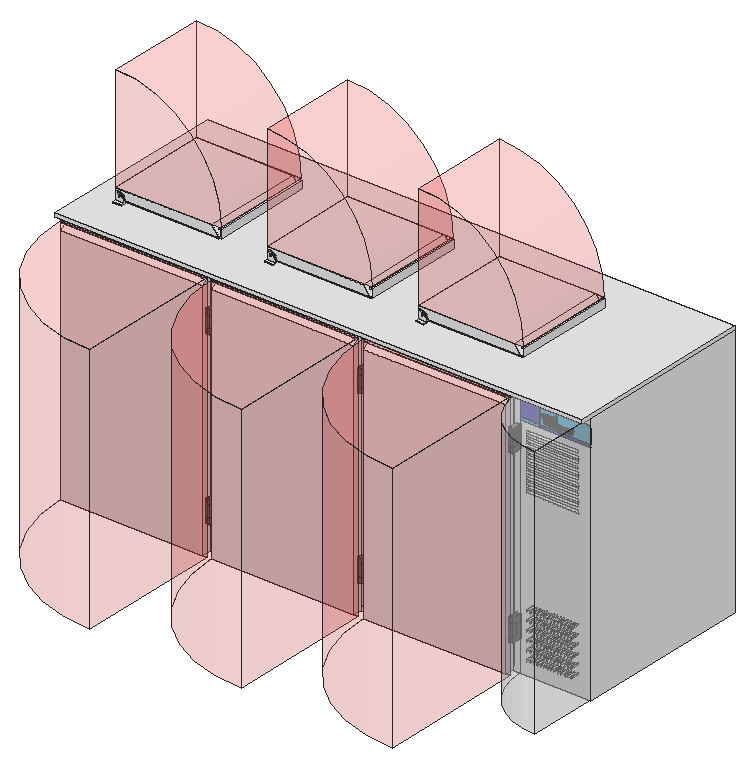
Revit family "QF_Cool-Compact_Abfallkuehler_3x240L_EK", category Sonderausstattung, Revit 2020 (continued)
Automatic sketch dimensions
  Extrusion 2 sketch curve to Extrusion 2 sketch curve = 4.599 mm
  Extrusion 2 sketch curve to Extrusion 2 sketch curve = 4.4 mm  (x2)
  Extrusion 2 sketch curve to Extrusion 2 sketch curve = 7.484 mm
  Extrusion 2 sketch curve to Extrusion 2 sketch curve = 4.102 mm
  Extrusion 2 sketch curve to Extrusion 2 sketch curve = 9.001 mm
  Extrusion 2 sketch curve to Extrusion 2 sketch curve = 0.138 mm
  Extrusion 2 sketch curve to Extrusion 2 sketch curve = 2.081 mm
  Extrusion 2 sketch curve to Extrusion 2 sketch curve = 4.704 mm
  Extrusion 2 sketch curve to Extrusion 2 sketch curve = 4.26 mm
  Extrusion 2 sketch curve to Extrusion 2 sketch curve = 3.485 mm
  Extrusion 2 sketch curve to Extrusion 2 sketch curve = 3.489 mm
  Extrusion 2 sketch curve to Extrusion 2 sketch curve = 0.129 mm  (x3)
  Extrusion 2 sketch curve to Extrusion 2 sketch curve = 1.309 mm
  Extrusion 2 sketch curve to Extrusion 2 sketch curve = 0.953 mm
  Extrusion 2 sketch curve to Extrusion 2 sketch curve = 0.003 mm
  Extrusion 2 sketch curve to Extrusion 2 sketch curve = 1.087 mm
  Extrusion 2 sketch curve to Extrusion 2 sketch curve = 1.094 mm  (x2)
  Extrusion 2 sketch curve to Extrusion 2 sketch curve = 0.771 mm
  Extrusion 2 sketch curve to Extrusion 2 sketch curve = 2.594 mm  (x3)
  Extrusion 2 sketch curve to Extrusion 2 sketch curve = 2.598 mm
  Extrusion 2 sketch curve to Extrusion 2 sketch curve = 2.503 mm
  Extrusion 2 sketch curve to Extrusion 2 sketch curve = 2.501 mm
  Extrusion 2 sketch curve to Extrusion 2 sketch curve = 0.981 mm  (x6)
  Extrusion 2 sketch curve to Extrusion 2 sketch curve = 2.245 mm
  Extrusion 2 sketch curve to Extrusion 2 sketch curve = 1.741 mm  (x4)
  Extrusion 2 sketch curve to Extrusion 2 sketch curve = 0.494 mm
  Extrusion 2 sketch curve to Extrusion 2 sketch curve = 2.738 mm
  Extrusion 2 sketch curve to Extrusion 2 sketch curve = 1.555 mm  (x2)
  Extrusion 2 sketch curve to Extrusion 2 sketch curve = 0.954 mm  (x7)
  Extrusion 2 sketch curve to Extrusion 2 sketch curve = 0.531 mm  (x3)
  Extrusion 2 sketch curve to Extrusion 2 sketch curve = 0.532 mm
  Extrusion 2 sketch curve to Extrusion 2 sketch curve = 0.654 mm  (x3)
  Extrusion 2 sketch curve to Extrusion 2 sketch curve = 0.656 mm
  Extrusion 2 sketch curve to Extrusion 2 sketch curve = 3.614 mm
  Extrusion 2 sketch curve to Extrusion 2 sketch curve = 2.441 mm  (x3)
  Extrusion 2 sketch curve to Extrusion 2 sketch curve = 2.496 mm  (x4)
  Extrusion 2 sketch curve to Extrusion 2 sketch curve = 0.01 mm  (x2)
  Extrusion 2 sketch curve to Extrusion 2 sketch curve = 1.675 mm  (x2)
  Extrusion 2 sketch curve to Extrusion 2 sketch curve = 1.695 mm  (x2)
  Extrusion 2 sketch curve to Extrusion 2 sketch curve = 1.805 mm  (x4)
  Extrusion 2 sketch curve to Extrusion 2 sketch curve = 0.76 mm  (x3)
  Extrusion 2 sketch curve to Extrusion 2 sketch curve = 2.748 mm
  Extrusion 2 sketch curve to Extrusion 2 sketch curve = 2.75 mm
  Extrusion 2 sketch curve to Extrusion 2 sketch curve = 0.128 mm
  Extrusion 2 sketch curve to Extrusion 2 sketch curve = 0.95 mm
  Extrusion 2 sketch curve to Extrusion 2 sketch curve = 0 mm  (x17)
  Extrusion 2 sketch curve to Extrusion 2 sketch curve = 1.086 mm
  Extrusion 2 sketch curve to Extrusion 2 sketch curve = 1.092 mm
  Extrusion 2 sketch curve to Extrusion 2 sketch curve = 2.442 mm  (x9)
  Extrusion 2 sketch curve to Extrusion 2 sketch curve = 0.653 mm  (x4)
  Extrusion 2 sketch curve to Extrusion 2 sketch curve = 3.391 mm  (x2)
  Extrusion 2 sketch curve to Extrusion 2 sketch curve = 0.534 mm  (x2)
  Extrusion 2 sketch curve to Extrusion 2 sketch curve = 2.597 mm  (x2)
  Extrusion 2 sketch curve to Extrusion 2 sketch curve = 0.982 mm  (x4)
  Extrusion 2 sketch curve to Extrusion 2 sketch curve = 0.984 mm  (x2)
  Extrusion 2 sketch curve to Extrusion 2 sketch curve = 2.5 mm  (x2)
  Extrusion 2 sketch curve to Extrusion 2 sketch curve = 2.504 mm  (x2)
  Extrusion 2 sketch curve to Extrusion 2 sketch curve = 1.553 mm  (x2)
  Extrusion 2 sketch curve to Extrusion 2 sketch curve = 1.74 mm  (x3)
  Extrusion 2 sketch curve to Extrusion 2 sketch curve = 0.955 mm  (x4)
  Extrusion 2 sketch curve to Extrusion 2 sketch curve = 0.956 mm  (x3)
  Extrusion 2 sketch curve to Extrusion 2 sketch curve = 1.556 mm  (x2)
  Extrusion 2 sketch curve to Extrusion 2 sketch curve = 2.506 mm  (x2)
  Extrusion 2 sketch curve to Extrusion 2 sketch curve = 2.51 mm
  Extrusion 2 sketch curve to Extrusion 2 sketch curve = 1.67 mm  (x3)
  Extrusion 2 sketch curve to Extrusion 2 sketch curve = 0.002 mm  (x4)
  Extrusion 2 sketch curve to Extrusion 2 sketch curve = 0.952 mm  (x4)
  Extrusion 2 sketch curve to Extrusion 2 sketch curve = 1.045 mm
  Extrusion 2 sketch curve to Extrusion 2 sketch curve = 1.05 mm
  Extrusion 2 sketch curve to Extrusion 2 sketch curve = 3.613 mm
  Extrusion 2 sketch curve to Extrusion 2 sketch curve = 2.495 mm  (x2)
  Extrusion 2 sketch curve to Extrusion 2 sketch curve = 0.012 mm  (x2)
  Extrusion 2 sketch curve to Extrusion 2 sketch curve = 0.762 mm
  Extrusion 2 sketch curve to Extrusion 2 sketch curve = 1.673 mm  (x2)
  Extrusion 2 sketch curve to Extrusion 2 sketch curve = 1.696 mm  (x4)
  Extrusion 2 sketch curve to Extrusion 2 sketch curve = 0.761 mm
  Extrusion 2 sketch curve to Extrusion 2 sketch curve = 4.013 mm
  Extrusion 2 sketch curve to Extrusion 2 sketch curve = 0.13 mm  (x2)
  Extrusion 2 sketch curve to Extrusion 2 sketch curve = 0.001 mm  (x7)
  Extrusion 2 sketch curve to Extrusion 2 sketch curve = 1.088 mm
  Extrusion 2 sketch curve to Extrusion 2 sketch curve = 0.652 mm  (x4)
  Extrusion 2 sketch curve to Extrusion 2 sketch curve = 3.392 mm  (x4)
  Extrusion 2 sketch curve to Extrusion 2 sketch curve = 0.535 mm  (x4)
  Extrusion 2 sketch curve to Extrusion 2 sketch curve = 1.742 mm  (x3)
  Extrusion 2 sketch curve to Extrusion 2 sketch curve = 1.552 mm  (x3)
  Extrusion 2 sketch curve to Extrusion 2 sketch curve = 1.739 mm  (x2)
  Extrusion 2 sketch curve to Extrusion 2 sketch curve = 1.554 mm  (x2)
  Extrusion 2 sketch curve to Extrusion 2 sketch curve = 0.533 mm  (x2)
  Extrusion 2 sketch curve to Extrusion 2 sketch curve = 2.511 mm
  Extrusion 2 sketch curve to Extrusion 2 sketch curve = 1.044 mm
  Extrusion 2 sketch curve to Extrusion 2 sketch curve = 1.052 mm  (x2)
  Extrusion 2 sketch curve to Extrusion 2 sketch curve = 3.616 mm
  Extrusion 2 sketch curve to Extrusion 2 sketch curve = 1.674 mm  (x2)
  Extrusion 2 sketch curve to Extrusion 2 sketch curve = 1.806 mm  (x2)
  Extrusion 2 sketch curve to Extrusion 2 sketch curve = 4.466 mm
  Extrusion 2 sketch curve to Extrusion 2 sketch curve = 3.522 mm
  Extrusion 2 sketch curve to Extrusion 2 sketch curve = 4.467 mm
  Extrusion 2 sketch curve to Extrusion 2 sketch curve = 4.663 mm
  Extrusion 2 sketch curve to Extrusion 2 sketch curve = 1.551 mm
  Extrusion 2 sketch curve to Extrusion 2 sketch curve = 5.4 mm
  Extrusion 2 sketch curve to Extrusion 2 sketch curve = 0.957 mm
  Extrusion 2 sketch curve to Extrusion 2 sketch curve = 5.581 mm
  Extrusion 2 sketch curve to Extrusion 2 sketch curve = 0.155 mm
  Extrusion 2 sketch curve to Extrusion 2 sketch curve = 2.505 mm
  Extrusion 2 sketch curve to Extrusion 2 sketch curve = 2.509 mm
  Extrusion 2 sketch curve to Extrusion 2 sketch curve = 1.047 mm
  Extrusion 2 sketch curve to Extrusion 2 sketch curve = 4.714 mm
  Extrusion 2 sketch curve to Extrusion 2 sketch curve = 3.501 mm
  Extrusion 2 sketch curve to Extrusion 2 sketch curve = 3.604 mm
  Extrusion 2 sketch curve to Extrusion 2 sketch curve = 4.543 mm
  Extrusion 2 sketch curve to Extrusion 2 sketch curve = 4.743 mm
  Extrusion 2 sketch curve to Extrusion 2 sketch curve = 5.404 mm
  Extrusion 2 sketch curve to Extrusion 2 sketch curve = 5.586 mm
  Extrusion 2 sketch curve to Extrusion 2 sketch curve = 0.115 mm
  Extrusion 2 sketch curve to Extrusion 2 sketch curve = 4.722 mm
  Extrusion 2 sketch curve to Extrusion 2 sketch curve = 4.46 mm
  Extrusion 2 sketch curve to Extrusion 2 sketch curve = 17.959 mm
  Extrusion 2 sketch curve to Extrusion 2 sketch curve = 19.29 mm
  Extrusion 2 sketch curve to Extrusion 2 sketch curve = 76.995 mm
  Extrusion 2 sketch curve to Extrusion 2 sketch curve = 18.577 mm
  Extrusion 2 sketch curve to Extrusion 2 sketch curve = 8.605 mm
  Extrusion 2 sketch curve to Extrusion 2 sketch curve = 10.353 mm
  Extrusion 2 sketch curve to Extrusion 2 sketch curve = 3.19 mm
  Extrusion 2 sketch curve to Extrusion 2 sketch curve = 0.465 mm  (x2)
  Extrusion 2 sketch curve to Extrusion 2 sketch curve = 1.091 mm
  Extrusion 2 sketch curve to Extrusion 2 sketch curve = 1.599 mm
  Extrusion 2 sketch curve to Extrusion 2 sketch curve = 1.328 mm
  Extrusion 2 sketch curve to Extrusion 2 sketch curve = 4.168 mm  (x4)
  Extrusion 2 sketch curve to Extrusion 2 sketch curve = 1.96 mm  (x2)
  Extrusion 2 sketch curve to Extrusion 2 sketch curve = 4.886 mm
  Extrusion 2 sketch curve to Extrusion 2 sketch curve = 4.908 mm
  Extrusion 2 sketch curve to Extrusion 2 sketch curve = 0.039 mm  (x4)
  Extrusion 2 sketch curve to Extrusion 2 sketch curve = 4.986 mm
  Extrusion 2 sketch curve to Extrusion 2 sketch curve = 8.765 mm
  Extrusion 2 sketch curve to Extrusion 2 sketch curve = 0.271 mm
  Extrusion 2 sketch curve to Extrusion 2 sketch curve = 0.195 mm
  Extrusion 2 sketch curve to Extrusion 2 sketch curve = 0.619 mm
  Extrusion 2 sketch curve to Extrusion 2 sketch curve = 3.359 mm
  Extrusion 2 sketch curve to Extrusion 2 sketch curve = 1.508 mm  (x5)
  Extrusion 2 sketch curve to Extrusion 2 sketch curve = 5.324 mm
  Extrusion 2 sketch curve to Extrusion 2 sketch curve = 0.969 mm
  Extrusion 2 sketch curve to Extrusion 2 sketch curve = 1.981 mm
  Extrusion 2 sketch curve to Extrusion 2 sketch curve = 2.369 mm  (x2)
  Extrusion 2 sketch curve to Extrusion 2 sketch curve = 4.947 mm
  Extrusion 2 sketch curve to Extrusion 2 sketch curve = 4.166 mm  (x4)
  Extrusion 2 sketch curve to Extrusion 2 sketch curve = 2.178 mm
  Extrusion 2 sketch curve to Extrusion 2 sketch curve = 2.909 mm
  Extrusion 2 sketch curve to Extrusion 2 sketch curve = 2.609 mm
  Extrusion 2 sketch curve to Extrusion 2 sketch curve = 1.541 mm
  Extrusion 2 sketch curve to Extrusion 2 sketch curve = 1.295 mm
  Extrusion 2 sketch curve to Extrusion 2 sketch curve = 4.205 mm
  Extrusion 2 sketch curve to Extrusion 2 sketch curve = 1.154 mm
  Extrusion 2 sketch curve to Extrusion 2 sketch curve = 3.362 mm
  Extrusion 2 sketch curve to Extrusion 2 sketch curve = 1.17 mm
  Extrusion 2 sketch curve to Extrusion 2 sketch curve = 4.167 mm
  Extrusion 2 sketch curve to Extrusion 2 sketch curve = 4.274 mm
  Extrusion 2 sketch curve to Extrusion 2 sketch curve = 5.812 mm
  Extrusion 2 sketch curve to Extrusion 2 sketch curve = 1.534 mm  (x3)
  Extrusion 2 sketch curve to Extrusion 2 sketch curve = 1.509 mm  (x2)
  Extrusion 2 sketch curve to Extrusion 2 sketch curve = 1.987 mm  (x3)
  Extrusion 2 sketch curve to Extrusion 2 sketch curve = 1.512 mm
  Extrusion 2 sketch curve to Extrusion 2 sketch curve = 12.852 mm
  plane 4 "Rechts" to Extrusion 3 sketch curve = 0 mm
  Extrusion 3 sketch curve to plane 4 "Rechts" = 925.287 mm
  Extrusion 3 sketch curve to Extrusion 3 sketch curve = 231.062 mm
  Extrusion 3 sketch curve to Extrusion 3 sketch curve = 0.996 mm
  Extrusion 4 sketch curve to Extrusion 2 = 0 mm  (x2)
  Extrusion 4 sketch curve to Extrusion 4 sketch curve = 87.942 mm
  plane 4 "Rechts" to Extrusion 5 sketch curve = 81.113 mm
  Extrusion 5 sketch curve to Extrusion 5 sketch curve = 2.867 mm  (x2)
  Extrusion 5 sketch curve to Extrusion 5 sketch curve = 4.399 mm  (x2)
  Extrusion 5 sketch curve to Extrusion 5 sketch curve = 1.665 mm
  Extrusion 5 sketch curve to Extrusion 5 sketch curve = 4.578 mm
  Extrusion 5 sketch curve to Extrusion 5 sketch curve = 3.02 mm
  Extrusion 5 sketch curve to Extrusion 5 sketch curve = 1.058 mm
  Extrusion 5 sketch curve to Extrusion 5 sketch curve = 4.077 mm
  Extrusion 5 sketch curve to Extrusion 5 sketch curve = 5.409 mm
  Extrusion 5 sketch curve to Extrusion 5 sketch curve = 5.594 mm
  Extrusion 5 sketch curve to Extrusion 5 sketch curve = 0.116 mm  (x3)
  Extrusion 5 sketch curve to Extrusion 5 sketch curve = 0.154 mm  (x2)
  Extrusion 5 sketch curve to Extrusion 5 sketch curve = 4.715 mm
  Extrusion 5 sketch curve to Extrusion 5 sketch curve = 4.477 mm  (x3)
  Extrusion 5 sketch curve to Extrusion 5 sketch curve = 2.31 mm
  Extrusion 5 sketch curve to Extrusion 5 sketch curve = 6.516 mm
  Extrusion 5 sketch curve to Extrusion 5 sketch curve = 4.398 mm  (x4)
  Extrusion 5 sketch curve to Extrusion 5 sketch curve = 4.366 mm
  Extrusion 5 sketch curve to Extrusion 5 sketch curve = 4.405 mm  (x2)
  Extrusion 5 sketch curve to Extrusion 5 sketch curve = 0.349 mm
  Extrusion 5 sketch curve to Extrusion 5 sketch curve = 0.388 mm
  Extrusion 5 sketch curve to Extrusion 5 sketch curve = 4.476 mm
  Extrusion 5 sketch curve to Extrusion 5 sketch curve = 2.307 mm
  Extrusion 5 sketch curve to Extrusion 5 sketch curve = 4.017 mm  (x2)
  Extrusion 5 sketch curve to Extrusion 5 sketch curve = 4.056 mm
  Extrusion 5 sketch curve to Extrusion 5 sketch curve = 0.348 mm
  Extrusion 5 sketch curve to Extrusion 5 sketch curve = 0.426 mm  (x2)
  Extrusion 5 sketch curve to Extrusion 5 sketch curve = 4.792 mm
  Extrusion 5 sketch curve to Extrusion 5 sketch curve = 4.753 mm
  Extrusion 5 sketch curve to Extrusion 5 sketch curve = 4.599 mm
  Extrusion 5 sketch curve to Extrusion 5 sketch curve = 4.4 mm  (x2)
  Extrusion 5 sketch curve to Extrusion 5 sketch curve = 7.484 mm
  Extrusion 5 sketch curve to Extrusion 5 sketch curve = 4.102 mm
  Extrusion 5 sketch curve to Extrusion 5 sketch curve = 9.001 mm
  Extrusion 5 sketch curve to Extrusion 5 sketch curve = 0.138 mm
  Extrusion 5 sketch curve to Extrusion 5 sketch curve = 2.081 mm
  Extrusion 5 sketch curve to Extrusion 5 sketch curve = 4.704 mm
  Extrusion 5 sketch curve to Extrusion 5 sketch curve = 4.26 mm
  Extrusion 5 sketch curve to Extrusion 5 sketch curve = 3.485 mm
  Extrusion 5 sketch curve to Extrusion 5 sketch curve = 3.489 mm
  Extrusion 5 sketch curve to Extrusion 5 sketch curve = 0.129 mm  (x3)
  Extrusion 5 sketch curve to Extrusion 5 sketch curve = 1.309 mm
  Extrusion 5 sketch curve to Extrusion 5 sketch curve = 0.953 mm  (x2)
  Extrusion 5 sketch curve to Extrusion 5 sketch curve = 0.003 mm
  Extrusion 5 sketch curve to Extrusion 5 sketch curve = 1.087 mm
  Extrusion 5 sketch curve to Extrusion 5 sketch curve = 1.094 mm  (x2)
  Extrusion 5 sketch curve to Extrusion 5 sketch curve = 0.771 mm
  Extrusion 5 sketch curve to Extrusion 5 sketch curve = 2.598 mm
  Extrusion 5 sketch curve to Extrusion 5 sketch curve = 2.594 mm  (x3)
  Extrusion 5 sketch curve to Extrusion 5 sketch curve = 2.503 mm
  Extrusion 5 sketch curve to Extrusion 5 sketch curve = 2.501 mm
  Extrusion 5 sketch curve to Extrusion 5 sketch curve = 0.981 mm  (x6)
  Extrusion 5 sketch curve to Extrusion 5 sketch curve = 2.245 mm
  Extrusion 5 sketch curve to Extrusion 5 sketch curve = 1.741 mm  (x4)
  Extrusion 5 sketch curve to Extrusion 5 sketch curve = 2.738 mm
  Extrusion 5 sketch curve to Extrusion 5 sketch curve = 4.818 mm
  Extrusion 5 sketch curve to Extrusion 5 sketch curve = 1.555 mm  (x2)
  Extrusion 5 sketch curve to Extrusion 5 sketch curve = 0.954 mm  (x7)
  Extrusion 5 sketch curve to Extrusion 5 sketch curve = 0.531 mm  (x3)
  Extrusion 5 sketch curve to Extrusion 5 sketch curve = 0.532 mm
  Extrusion 5 sketch curve to Extrusion 5 sketch curve = 0.656 mm
  Extrusion 5 sketch curve to Extrusion 5 sketch curve = 0.654 mm  (x3)
  Extrusion 5 sketch curve to Extrusion 5 sketch curve = 3.614 mm
  Extrusion 5 sketch curve to Extrusion 5 sketch curve = 2.441 mm  (x3)
  Extrusion 5 sketch curve to Extrusion 5 sketch curve = 2.496 mm  (x4)
  Extrusion 5 sketch curve to Extrusion 5 sketch curve = 0.759 mm
  Extrusion 5 sketch curve to Extrusion 5 sketch curve = 0.01 mm
  Extrusion 5 sketch curve to Extrusion 5 sketch curve = 0.144 mm
  Extrusion 5 sketch curve to Extrusion 5 sketch curve = 1.675 mm  (x2)
  Extrusion 5 sketch curve to Extrusion 5 sketch curve = 1.695 mm  (x2)
  Extrusion 5 sketch curve to Extrusion 5 sketch curve = 1.805 mm  (x4)
  Extrusion 5 sketch curve to Extrusion 5 sketch curve = 0.76 mm  (x4)
  Extrusion 5 sketch curve to Extrusion 5 sketch curve = 2.748 mm
  Extrusion 5 sketch curve to Extrusion 5 sketch curve = 2.75 mm
  Extrusion 5 sketch curve to Extrusion 5 sketch curve = 0.128 mm
  Extrusion 5 sketch curve to Extrusion 5 sketch curve = 0 mm  (x16)
  Extrusion 5 sketch curve to Extrusion 5 sketch curve = 1.086 mm
  Extrusion 5 sketch curve to Extrusion 5 sketch curve = 1.092 mm
  Extrusion 5 sketch curve to Extrusion 5 sketch curve = 2.442 mm  (x9)
  Extrusion 5 sketch curve to Extrusion 5 sketch curve = 0.653 mm  (x4)
  Extrusion 5 sketch curve to Extrusion 5 sketch curve = 3.391 mm  (x2)
  Extrusion 5 sketch curve to Extrusion 5 sketch curve = 0.534 mm  (x2)
  Extrusion 5 sketch curve to Extrusion 5 sketch curve = 2.597 mm  (x2)
  Extrusion 5 sketch curve to Extrusion 5 sketch curve = 0.982 mm  (x4)
  Extrusion 5 sketch curve to Extrusion 5 sketch curve = 0.984 mm  (x2)
  Extrusion 5 sketch curve to Extrusion 5 sketch curve = 2.5 mm  (x2)
  Extrusion 5 sketch curve to Extrusion 5 sketch curve = 2.504 mm  (x2)
  Extrusion 5 sketch curve to Extrusion 5 sketch curve = 1.553 mm  (x2)
  Extrusion 5 sketch curve to Extrusion 5 sketch curve = 1.74 mm  (x3)
  Extrusion 5 sketch curve to Extrusion 5 sketch curve = 0.955 mm  (x4)
  Extrusion 5 sketch curve to Extrusion 5 sketch curve = 0.956 mm  (x3)
  Extrusion 5 sketch curve to Extrusion 5 sketch curve = 1.556 mm  (x2)
  Extrusion 5 sketch curve to Extrusion 5 sketch curve = 2.506 mm  (x2)
  Extrusion 5 sketch curve to Extrusion 5 sketch curve = 2.51 mm
  Extrusion 5 sketch curve to Extrusion 5 sketch curve = 1.67 mm  (x3)
  Extrusion 5 sketch curve to Extrusion 5 sketch curve = 0.002 mm  (x4)
  Extrusion 5 sketch curve to Extrusion 5 sketch curve = 0.952 mm  (x4)
  Extrusion 5 sketch curve to Extrusion 5 sketch curve = 1.045 mm
  Extrusion 5 sketch curve to Extrusion 5 sketch curve = 1.05 mm
  Extrusion 5 sketch curve to Extrusion 5 sketch curve = 3.613 mm
  Extrusion 5 sketch curve to Extrusion 5 sketch curve = 2.495 mm  (x2)
  Extrusion 5 sketch curve to Extrusion 5 sketch curve = 0.762 mm  (x2)
  Extrusion 5 sketch curve to Extrusion 5 sketch curve = 1.673 mm  (x2)
  Extrusion 5 sketch curve to Extrusion 5 sketch curve = 1.696 mm  (x4)
  Extrusion 5 sketch curve to Extrusion 5 sketch curve = 0.761 mm
  Extrusion 5 sketch curve to Extrusion 5 sketch curve = 4.013 mm
  Extrusion 5 sketch curve to Extrusion 5 sketch curve = 0.13 mm  (x2)
  Extrusion 5 sketch curve to Extrusion 5 sketch curve = 0.001 mm  (x7)
  Extrusion 5 sketch curve to Extrusion 5 sketch curve = 1.088 mm
  Extrusion 5 sketch curve to Extrusion 5 sketch curve = 0.652 mm  (x4)
  Extrusion 5 sketch curve to Extrusion 5 sketch curve = 3.392 mm  (x4)
  Extrusion 5 sketch curve to Extrusion 5 sketch curve = 0.535 mm  (x4)
  Extrusion 5 sketch curve to Extrusion 5 sketch curve = 1.742 mm  (x3)
  Extrusion 5 sketch curve to Extrusion 5 sketch curve = 1.552 mm  (x3)
  Extrusion 5 sketch curve to Extrusion 5 sketch curve = 1.739 mm  (x2)
  Extrusion 5 sketch curve to Extrusion 5 sketch curve = 1.554 mm  (x2)
  Extrusion 5 sketch curve to Extrusion 5 sketch curve = 0.533 mm  (x2)
  Extrusion 5 sketch curve to Extrusion 5 sketch curve = 2.511 mm
  Extrusion 5 sketch curve to Extrusion 5 sketch curve = 1.044 mm
  Extrusion 5 sketch curve to Extrusion 5 sketch curve = 1.052 mm  (x2)
  Extrusion 5 sketch curve to Extrusion 5 sketch curve = 3.616 mm
  Extrusion 5 sketch curve to Extrusion 5 sketch curve = 1.674 mm  (x2)
  Extrusion 5 sketch curve to Extrusion 5 sketch curve = 1.806 mm  (x2)
  Extrusion 5 sketch curve to Extrusion 5 sketch curve = 4.466 mm
  Extrusion 5 sketch curve to Extrusion 5 sketch curve = 3.522 mm
  Extrusion 5 sketch curve to Extrusion 5 sketch curve = 4.467 mm
  Extrusion 5 sketch curve to Extrusion 5 sketch curve = 4.663 mm
  Extrusion 5 sketch curve to Extrusion 5 sketch curve = 1.551 mm
  Extrusion 5 sketch curve to Extrusion 5 sketch curve = 5.4 mm
  Extrusion 5 sketch curve to Extrusion 5 sketch curve = 0.957 mm
  Extrusion 5 sketch curve to Extrusion 5 sketch curve = 5.581 mm
  Extrusion 5 sketch curve to Extrusion 5 sketch curve = 0.155 mm
  Extrusion 5 sketch curve to Extrusion 5 sketch curve = 2.505 mm
  Extrusion 5 sketch curve to Extrusion 5 sketch curve = 2.509 mm
  Extrusion 5 sketch curve to Extrusion 5 sketch curve = 1.047 mm
  Extrusion 5 sketch curve to Extrusion 5 sketch curve = 4.714 mm
  Extrusion 5 sketch curve to Extrusion 5 sketch curve = 3.501 mm
  Extrusion 5 sketch curve to Extrusion 5 sketch curve = 3.604 mm
  Extrusion 5 sketch curve to Extrusion 5 sketch curve = 4.543 mm
  Extrusion 5 sketch curve to Extrusion 5 sketch curve = 4.743 mm
  Extrusion 5 sketch curve to Extrusion 5 sketch curve = 5.404 mm
  Extrusion 5 sketch curve to Extrusion 5 sketch curve = 5.586 mm
  Extrusion 5 sketch curve to Extrusion 5 sketch curve = 0.115 mm
  Extrusion 5 sketch curve to Extrusion 5 sketch curve = 4.722 mm
  Extrusion 5 sketch curve to Extrusion 5 sketch curve = 4.46 mm
  Extrusion 5 sketch curve to Extrusion 5 sketch curve = 19.651 mm
  Extrusion 5 sketch curve to Extrusion 5 sketch curve = 18.577 mm
  Extrusion 5 sketch curve to Extrusion 5 sketch curve = 8.6 mm
  Extrusion 5 sketch curve to Extrusion 5 sketch curve = 10.586 mm
  Extrusion 5 sketch curve to Extrusion 5 sketch curve = 3.19 mm
  Extrusion 5 sketch curve to Extrusion 5 sketch curve = 0.465 mm  (x2)
  Extrusion 5 sketch curve to Extrusion 5 sketch curve = 1.091 mm
  Extrusion 5 sketch curve to Extrusion 5 sketch curve = 1.599 mm
  Extrusion 5 sketch curve to Extrusion 5 sketch curve = 1.328 mm
  Extrusion 5 sketch curve to Extrusion 5 sketch curve = 4.168 mm  (x4)
  Extrusion 5 sketch curve to Extrusion 5 sketch curve = 1.96 mm  (x2)
  Extrusion 5 sketch curve to Extrusion 5 sketch curve = 4.886 mm
  Extrusion 5 sketch curve to Extrusion 5 sketch curve = 4.908 mm
  Extrusion 5 sketch curve to Extrusion 5 sketch curve = 0.039 mm  (x4)
  Extrusion 5 sketch curve to Extrusion 5 sketch curve = 4.986 mm
  Extrusion 5 sketch curve to Extrusion 5 sketch curve = 8.765 mm
  Extrusion 5 sketch curve to Extrusion 5 sketch curve = 0.271 mm
  Extrusion 5 sketch curve to Extrusion 5 sketch curve = 0.195 mm
  Extrusion 5 sketch curve to Extrusion 5 sketch curve = 3.079 mm
  Extrusion 5 sketch curve to Extrusion 5 sketch curve = 0.853 mm
  Extrusion 5 sketch curve to Extrusion 5 sketch curve = 3.593 mm
  Extrusion 5 sketch curve to Extrusion 5 sketch curve = 5.324 mm
  Extrusion 5 sketch curve to Extrusion 5 sketch curve = 0.969 mm
  Extrusion 5 sketch curve to Extrusion 5 sketch curve = 1.981 mm
  Extrusion 5 sketch curve to Extrusion 5 sketch curve = 2.369 mm  (x2)
  Extrusion 5 sketch curve to Extrusion 5 sketch curve = 4.947 mm
  Extrusion 5 sketch curve to Extrusion 5 sketch curve = 4.166 mm  (x4)
  Extrusion 5 sketch curve to Extrusion 5 sketch curve = 1.987 mm  (x3)
  Extrusion 5 sketch curve to Extrusion 5 sketch curve = 2.909 mm
  Extrusion 5 sketch curve to Extrusion 5 sketch curve = 2.609 mm
  Extrusion 5 sketch curve to Extrusion 5 sketch curve = 1.541 mm
  Extrusion 5 sketch curve to Extrusion 5 sketch curve = 4.205 mm  (x2)
  Extrusion 5 sketch curve to Extrusion 5 sketch curve = 0.983 mm
  Extrusion 5 sketch curve to Extrusion 5 sketch curve = 1.154 mm
  Extrusion 5 sketch curve to Extrusion 5 sketch curve = 1.17 mm
  Extrusion 5 sketch curve to Extrusion 5 sketch curve = 4.167 mm
  Extrusion 5 sketch curve to Extrusion 5 sketch curve = 1.513 mm  (x6)
  Extrusion 5 sketch curve to Extrusion 5 sketch curve = 4.274 mm
  Extrusion 5 sketch curve to Extrusion 5 sketch curve = 5.812 mm
  Extrusion 5 sketch curve to Extrusion 5 sketch curve = 1.961 mm
  Extrusion 5 sketch curve to Extrusion 5 sketch curve = 1.534 mm  (x2)
  Extrusion 5 sketch curve to Extrusion 5 sketch curve = 1.509 mm  (x2)
  Extrusion 5 sketch curve to Extrusion 5 sketch curve = 14.368 mm
  Extrusion 6 sketch curve to Extrusion 2 = 0 mm
  Extrusion 6 sketch curve to Extrusion 6 sketch curve = 87.942 mm
  Extrusion 2 to Extrusion 6 sketch curve = 11.591 mm
  Extrusion 7 sketch curve to plane 2 "Links" = 0 mm
  plane 4 "Rechts" to Extrusion 7 sketch curve = 320 mm
  plane 3 "Vorne" to Extrusion 7 sketch curve = 55 mm
  Extrusion 8 sketch curve to plane 3 "Vorne" = 1 mm
  plane 3 "Vorne" to Extrusion 8 sketch curve = 4 mm
  Extrusion 8 sketch curve to Extrusion 8 sketch curve = 0.6 mm
  Extrusion 8 sketch curve to Extrusion 8 sketch curve = 32.6 mm
  Extrusion 8 sketch curve to Extrusion 8 sketch curve = 1.2 mm  (x2)
  level to Extrusion 8 sketch curve = 10 mm
  Extrusion 8 sketch curve to Extrusion 8 sketch curve = 10.2 mm
  Extrusion 9 sketch curve to level = 0 mm
  plane 4 "Rechts" to Extrusion 9 sketch curve = 320 mm
  Extrusion 9 sketch curve to Extrusion 9 sketch curve = 25 mm
  Extrusion 9 sketch curve to Extrusion 9 sketch curve = 0 mm  (x78)
  level to Extrusion 9 sketch curve = 63.728 mm  (x11)
  Extrusion 9 sketch curve to Extrusion 9 sketch curve = 27.069 mm
  level to Extrusion 9 sketch curve = 104.028 mm  (x6)
  level to Extrusion 9 sketch curve = 144.328 mm
  Extrusion 9 sketch curve to Extrusion 9 sketch curve = 3 mm  (x24)
  Extrusion 9 sketch curve to Extrusion 9 sketch curve = 2.828 mm  (x479)
  level to Extrusion 9 sketch curve = 178.971 mm  (x2)
  level to Extrusion 9 sketch curve = 58.071 mm  (x13)
  level to Extrusion 9 sketch curve = 98.371 mm  (x9)
  level to Extrusion 9 sketch curve = 138.671 mm  (x6)
  Extrusion 9 sketch curve to Extrusion 9 sketch curve = 9.943 mm  (x96)
  Extrusion 9 sketch curve to Extrusion 9 sketch curve = 7.027 mm  (x65)
  level to Extrusion 9 sketch curve = 92.013 mm  (x6)
  level to Extrusion 9 sketch curve = 132.313 mm
  Extrusion 9 sketch curve to Extrusion 9 sketch curve = 12.684 mm
  level to Extrusion 9 sketch curve = 126.656 mm  (x3)
  level to Extrusion 9 sketch curve = 86.356 mm  (x6)
  level to Extrusion 9 sketch curve = 166.956 mm  (x2)
  plane 4 "Rechts" to Extrusion 9 sketch curve = 58 mm  (x3)
  plane 4 "Rechts" to Extrusion 9 sketch curve = 15 mm
  Extrusion 9 sketch curve to Extrusion 9 sketch curve = 22.627 mm  (x17)
  Extrusion 9 sketch curve to Extrusion 9 sketch curve = 12.016 mm  (x3)
  Extrusion 9 sketch curve to Extrusion 9 sketch curve = 6.359 mm  (x52)
  Extrusion 9 sketch curve to Extrusion 9 sketch curve = 34.643 mm  (x2)
  Extrusion 9 sketch curve to Extrusion 9 sketch curve = 450.687 mm
  Extrusion 9 sketch curve to Extrusion 9 sketch curve = 12 mm  (x12)
  Extrusion 9 sketch curve to Extrusion 9 sketch curve = 7 mm  (x11)
  Extrusion 10 sketch curve to Extrusion 10 sketch curve = 1.2 mm  (x2)
  Extrusion 10 sketch curve to Extrusion 10 sketch curve = 10.2 mm
  Extrusion 10 sketch curve to Extrusion 10 sketch curve = 12.4 mm
  Extrusion 10 sketch curve to Extrusion 10 sketch curve = 30.91 mm
  plane 2 "Links" to Extrusion 10 sketch curve = 110.5 mm
  Extrusion 10 sketch curve to Extrusion 10 sketch curve = 0.6 mm
  plane 2 "Links" to Extrusion 11 sketch curve = 150.5 mm
  Extrusion 11 sketch curve to Extrusion 11 sketch curve = 0.244 mm
  Extrusion 11 sketch curve to Extrusion 11 sketch curve = 9.74 mm
  Extrusion 11 sketch curve to Extrusion 11 sketch curve = 10 mm
  Extrusion 11 sketch curve to Extrusion 11 sketch curve = 0.465 mm
  Extrusion 11 sketch curve to Extrusion 11 sketch curve = 8.351 mm
  Extrusion 11 sketch curve to Extrusion 11 sketch curve = 3.2 mm
  Extrusion 11 sketch curve to Extrusion 11 sketch curve = 0.648 mm
  Extrusion 11 sketch curve to Extrusion 11 sketch curve = 2.092 mm
  Extrusion 11 sketch curve to Extrusion 11 sketch curve = 4.2 mm
  Extrusion 11 sketch curve to Extrusion 11 sketch curve = 1.63 mm
  Extrusion 11 sketch curve to Extrusion 11 sketch curve = 5 mm
  Extrusion 11 sketch curve to Extrusion 11 sketch curve = 2.265 mm
  Extrusion 11 sketch curve to Extrusion 11 sketch curve = 6.695 mm
  Extrusion 11 sketch curve to Extrusion 11 sketch curve = 1 mm
  Extrusion 11 sketch curve to Extrusion 11 sketch curve = 1.736 mm
  Extrusion 11 sketch curve to Extrusion 11 sketch curve = 1.1 mm
  Extrusion 11 sketch curve to Extrusion 11 sketch curve = 3.5 mm
  Extrusion 11 sketch curve to Extrusion 11 sketch curve = 2.999 mm
  plane 2 "Links" to Extrusion 12 sketch curve = 132 mm
  plane 2 "Links" to Extrusion 13 sketch curve = 143.5 mm
  Extrusion 13 sketch curve to Extrusion 13 sketch curve = 15 mm
  Extrusion 13 sketch curve to Extrusion 13 sketch curve = 4 mm
  plane 2 "Links" to Extrusion 14 sketch curve = 143.5 mm
  Extrusion 14 sketch curve to Extrusion 14 sketch curve = 15 mm
  Extrusion 14 sketch curve to Extrusion 14 sketch curve = 4 mm
  Extrusion 14 sketch curve to Extrusion 14 sketch curve = 3 mm
  plane 2 "Links" to Extrusion 15 sketch curve = 39.5 mm
  level to Extrusion 15 sketch curve = 28.5 mm
  level to Extrusion 16 sketch curve = 19 mm  (x2)
  plane 2 "Links" to Extrusion 16 sketch curve = 33.7 mm
  Extrusion 16 sketch curve to Extrusion 16 sketch curve = 1 mm  (x3)
  plane 2 "Links" to Extrusion 17 sketch curve = 110.5 mm
  plane 2 "Links" to Extrusion 18 sketch curve = 110.5 mm
  plane 2 "Links" to Extrusion 19 sketch curve = 112.378 mm
  Extrusion 19 sketch curve to Extrusion 19 sketch curve = 38.122 mm
  Extrusion 20 sketch curve to plane 2 "Links" = 112.378 mm
  Extrusion 20 sketch curve to Extrusion 20 sketch curve = 38.122 mm
  plane 2 "Links" to Extrusion 21 sketch curve = 150.5 mm
  Extrusion 21 sketch curve to Extrusion 21 sketch curve = 0.244 mm
  Extrusion 21 sketch curve to Extrusion 21 sketch curve = 9.74 mm
  Extrusion 21 sketch curve to Extrusion 21 sketch curve = 10 mm
  Extrusion 21 sketch curve to Extrusion 21 sketch curve = 0.465 mm
  Extrusion 21 sketch curve to Extrusion 21 sketch curve = 8.351 mm
  Extrusion 21 sketch curve to Extrusion 21 sketch curve = 3.2 mm
  Extrusion 21 sketch curve to Extrusion 21 sketch curve = 0.648 mm
  Extrusion 21 sketch curve to Extrusion 21 sketch curve = 2.092 mm
  Extrusion 21 sketch curve to Extrusion 21 sketch curve = 4.2 mm
  Extrusion 21 sketch curve to Extrusion 21 sketch curve = 1.63 mm
  Extrusion 21 sketch curve to Extrusion 21 sketch curve = 5 mm
  Extrusion 21 sketch curve to Extrusion 21 sketch curve = 3.235 mm
  Extrusion 21 sketch curve to Extrusion 21 sketch curve = 2.4 mm
  Extrusion 21 sketch curve to Extrusion 21 sketch curve = 3.5 mm
  Extrusion 21 sketch curve to Extrusion 21 sketch curve = 2.265 mm
  Extrusion 21 sketch curve to Extrusion 21 sketch curve = 8.431 mm
  Extrusion 21 sketch curve to Extrusion 21 sketch curve = 1 mm
  Extrusion 21 sketch curve to Extrusion 21 sketch curve = 2.999 mm
  Extrusion 22 sketch curve to plane 3 "Vorne" = 1 mm
  plane 2 "Links" to Extrusion 22 sketch curve = 27.5 mm
  plane 3 "Vorne" to Extrusion 22 sketch curve = 39 mm
  Extrusion 23 sketch curve to plane 3 "Vorne" = 1 mm
  plane 2 "Links" to Extrusion 23 sketch curve = 27.5 mm
  plane 3 "Vorne" to Extrusion 23 sketch curve = 55 mm
  Extrusion 24 sketch curve to plane 4 "Rechts" = 0 mm
  plane 4 "Rechts" to Extrusion 24 sketch curve = 15 mm
  Extrusion 24 sketch curve to Extrusion 24 sketch curve = 304.992 mm
  plane 3 "Vorne" to Extrusion 24 sketch curve = 55 mm
  Extrusion 25 sketch curve to plane 2 "Links" = 110.5 mm
  Extrusion 26 sketch curve to level = 0 mm
  plane 4 "Rechts" to Extrusion 26 sketch curve = 320 mm
  plane 4 "Rechts" to Extrusion 26 sketch curve = 15 mm
  Extrusion 27 sketch curve to plane 2 "Links" = 0 mm
  plane 4 "Rechts" to Extrusion 27 sketch curve = 320 mm
  plane 3 "Vorne" to Extrusion 27 sketch curve = 55 mm
  Extrusion 28 sketch curve to plane 4 "Rechts" = 0 mm
  plane 4 "Rechts" to Extrusion 28 sketch curve = 15 mm
  Extrusion 28 sketch curve to Extrusion 28 sketch curve = 304.992 mm
  plane 3 "Vorne" to Extrusion 28 sketch curve = 55 mm
  Extrusion 29 sketch curve to plane 4 "Rechts" = 0 mm
  plane 3 "Vorne" to Extrusion 29 sketch curve = 55 mm
  plane 4 "Rechts" to Extrusion 29 sketch curve = 320 mm
  level to Extrusion 30 sketch curve = 500 mm
  plane 3 "Vorne" to Extrusion 31 sketch curve = 13 mm  (x2)
  Extrusion 31 sketch curve to Extrusion 31 sketch curve = 18 mm
  Extrusion 31 sketch curve to Extrusion 31 sketch curve = 24 mm
  Extrusion 31 sketch curve to Extrusion 31 sketch curve = 24.5 mm  (x2)
  Extrusion 31 sketch curve to Extrusion 31 sketch curve = 53 mm
  Extrusion 32 sketch curve to Extrusion 32 sketch curve = 18 mm  (x2)
  Extrusion 32 sketch curve to Extrusion 32 sketch curve = 6 mm
  Extrusion 32 sketch curve to Extrusion 32 sketch curve = 25.5 mm  (x2)
  Extrusion 32 sketch curve to Extrusion 32 sketch curve = 51 mm
  Extrusion 33 sketch curve to plane 3 "Vorne" = 22 mm
  Extrusion 34 sketch curve to plane 3 "Vorne" = 22 mm
  plane 3 "Vorne" to Extrusion 35 sketch curve = 13 mm  (x2)
  Extrusion 35 sketch curve to Extrusion 35 sketch curve = 18 mm
  Extrusion 35 sketch curve to Extrusion 35 sketch curve = 24 mm
  level to Extrusion 35 sketch curve = 241 mm
  Extrusion 35 sketch curve to Extrusion 35 sketch curve = 24.5 mm  (x2)
  Extrusion 35 sketch curve to Extrusion 35 sketch curve = 53 mm
  Extrusion 36 sketch curve to Extrusion 36 sketch curve = 18 mm  (x2)
  Extrusion 36 sketch curve to Extrusion 36 sketch curve = 6 mm
  Extrusion 36 sketch curve to level = 139 mm
  Extrusion 36 sketch curve to Extrusion 36 sketch curve = 25.5 mm  (x2)
  Extrusion 36 sketch curve to Extrusion 36 sketch curve = 51 mm
  plane 3 "Vorne" to Extrusion 37 sketch curve = 22 mm
  plane 3 "Vorne" to Extrusion 38 sketch curve = 22 mm
  Extrusion 39 sketch curve to plane 3 "Vorne" = 13 mm
  Extrusion 39 sketch curve to Extrusion 39 sketch curve = 24 mm
  Extrusion 39 sketch curve to Extrusion 39 sketch curve = 42 mm
  Extrusion 40 sketch curve to plane 3 "Vorne" = 13 mm
  Extrusion 40 sketch curve to Extrusion 40 sketch curve = 24 mm
  Extrusion 40 sketch curve to Extrusion 40 sketch curve = 42 mm
  level to Extrusion 41 sketch curve = 40 mm
  plane 4 "Rechts" to Extrusion 41 sketch curve = 210 mm
  Extrusion 41 sketch curve to Extrusion 41 sketch curve = 50 mm
  Extrusion 41 sketch curve to Extrusion 41 sketch curve = 100 mm
  Extrusion 41 sketch curve to Extrusion 41 sketch curve = 110 mm
  Extrusion 41 sketch curve to Extrusion 41 sketch curve = 135 mm
  plane 3 "Vorne" to Extrusion 42 sketch curve = 1 mm
  Extrusion 42 sketch curve to plane 2 "Links" = 27.5 mm
  plane 5 "Mitte (Links/rechts)" to Extrusion 43 sketch curve = 38.19 mm
  Extrusion 43 sketch curve to Extrusion 43 sketch curve = 28.71 mm
  Extrusion 43 sketch curve to Extrusion 43 sketch curve = 30.91 mm
  Extrusion 43 sketch curve to Extrusion 43 sketch curve = 10.2 mm
  Extrusion 43 sketch curve to Extrusion 43 sketch curve = 1.2 mm  (x2)
  Extrusion 43 sketch curve to Extrusion 43 sketch curve = 32.6 mm
  Extrusion 43 sketch curve to Extrusion 43 sketch curve = 0.6 mm
  Extrusion 44 sketch curve to Extrusion 44 sketch curve = 0.244 mm
  Extrusion 44 sketch curve to Extrusion 44 sketch curve = 9.74 mm
  Extrusion 44 sketch curve to Extrusion 44 sketch curve = 10 mm
  Extrusion 44 sketch curve to Extrusion 44 sketch curve = 0.465 mm
  Extrusion 44 sketch curve to Extrusion 44 sketch curve = 8.351 mm
  Extrusion 44 sketch curve to Extrusion 44 sketch curve = 3.2 mm
  Extrusion 44 sketch curve to Extrusion 44 sketch curve = 0.648 mm
  Extrusion 44 sketch curve to Extrusion 44 sketch curve = 2.092 mm
  Extrusion 44 sketch curve to Extrusion 44 sketch curve = 4.2 mm
  Extrusion 44 sketch curve to Extrusion 44 sketch curve = 1.63 mm
  Extrusion 44 sketch curve to Extrusion 44 sketch curve = 11.959 mm
  Extrusion 44 sketch curve to Extrusion 44 sketch curve = 2.4 mm
  Extrusion 44 sketch curve to Extrusion 44 sketch curve = 3.235 mm
  Extrusion 44 sketch curve to Extrusion 44 sketch curve = 1.1 mm
  Extrusion 44 sketch curve to Extrusion 44 sketch curve = 2.001 mm
  Extrusion 44 sketch curve to Extrusion 44 sketch curve = 2.265 mm
  Extrusion 44 sketch curve to Extrusion 44 sketch curve = 8.431 mm
  Extrusion 44 sketch curve to Extrusion 44 sketch curve = 1 mm
  Extrusion 44 sketch curve to Extrusion 44 sketch curve = 2.999 mm
  plane 5 "Mitte (Links/rechts)" to Extrusion 45 sketch curve = 59 mm
  Extrusion 46 sketch curve to Extrusion 46 sketch curve = 15 mm
  Extrusion 46 sketch curve to Extrusion 46 sketch curve = 4 mm
  Extrusion 47 sketch curve to Extrusion 47 sketch curve = 15 mm
  Extrusion 47 sketch curve to Extrusion 47 sketch curve = 4 mm
  Extrusion 47 sketch curve to Extrusion 47 sketch curve = 3 mm
  plane 5 "Mitte (Links/rechts)" to Extrusion 48 sketch curve = 80.5 mm
  plane 5 "Mitte (Links/rechts)" to Extrusion 49 sketch curve = 80.5 mm
  Extrusion 50 sketch curve to Extrusion 50 sketch curve = 38.122 mm
  Extrusion 51 sketch curve to Extrusion 51 sketch curve = 38.122 mm
  Extrusion 52 sketch curve to Extrusion 52 sketch curve = 0.244 mm
  Extrusion 52 sketch curve to Extrusion 52 sketch curve = 9.74 mm
  Extrusion 52 sketch curve to Extrusion 52 sketch curve = 10 mm
  Extrusion 52 sketch curve to Extrusion 52 sketch curve = 0.465 mm
  Extrusion 52 sketch curve to Extrusion 52 sketch curve = 8.351 mm
  Extrusion 52 sketch curve to Extrusion 52 sketch curve = 3.2 mm
  Extrusion 52 sketch curve to Extrusion 52 sketch curve = 0.648 mm
  Extrusion 52 sketch curve to Extrusion 52 sketch curve = 2.092 mm
  Extrusion 52 sketch curve to Extrusion 52 sketch curve = 4.2 mm
  Extrusion 52 sketch curve to Extrusion 52 sketch curve = 1.63 mm
  Extrusion 52 sketch curve to Extrusion 52 sketch curve = 11.959 mm
  Extrusion 52 sketch curve to Extrusion 52 sketch curve = 2.4 mm
  Extrusion 52 sketch curve to Extrusion 52 sketch curve = 3.235 mm
  Extrusion 52 sketch curve to Extrusion 52 sketch curve = 3.5 mm
  Extrusion 52 sketch curve to Extrusion 52 sketch curve = 2.001 mm
  Extrusion 52 sketch curve to Extrusion 52 sketch curve = 2.265 mm
  Extrusion 52 sketch curve to Extrusion 52 sketch curve = 8.431 mm
  Extrusion 52 sketch curve to Extrusion 52 sketch curve = 1 mm
  Extrusion 52 sketch curve to Extrusion 52 sketch curve = 2.999 mm
  Extrusion 53 sketch curve to plane 5 "Mitte (Links/rechts)" = 80.5 mm
  Extrusion 54 sketch curve to Extrusion 54 sketch curve = 28.71 mm
  Extrusion 54 sketch curve to Extrusion 54 sketch curve = 30.91 mm
  Extrusion 54 sketch curve to Extrusion 54 sketch curve = 10.2 mm
  Extrusion 54 sketch curve to Extrusion 54 sketch curve = 1.2 mm  (x2)
  Extrusion 54 sketch curve to Extrusion 54 sketch curve = 5 mm
  Extrusion 54 sketch curve to Extrusion 54 sketch curve = 0.6 mm
  Extrusion 55 sketch curve to Extrusion 55 sketch curve = 0.244 mm
  Extrusion 55 sketch curve to Extrusion 55 sketch curve = 9.74 mm
  Extrusion 55 sketch curve to Extrusion 55 sketch curve = 10 mm
  Extrusion 55 sketch curve to Extrusion 55 sketch curve = 0.465 mm
  Extrusion 55 sketch curve to Extrusion 55 sketch curve = 8.351 mm
  Extrusion 55 sketch curve to Extrusion 55 sketch curve = 3.2 mm
  Extrusion 55 sketch curve to Extrusion 55 sketch curve = 0.648 mm
  Extrusion 55 sketch curve to Extrusion 55 sketch curve = 2.092 mm
  Extrusion 55 sketch curve to Extrusion 55 sketch curve = 4.2 mm
  Extrusion 55 sketch curve to Extrusion 55 sketch curve = 1.63 mm
  Extrusion 55 sketch curve to Extrusion 55 sketch curve = 11.959 mm
  Extrusion 55 sketch curve to Extrusion 55 sketch curve = 2.4 mm
  Extrusion 55 sketch curve to Extrusion 55 sketch curve = 3.235 mm
  Extrusion 55 sketch curve to Extrusion 55 sketch curve = 1.1 mm
  Extrusion 55 sketch curve to Extrusion 55 sketch curve = 2.001 mm
  Extrusion 55 sketch curve to Extrusion 55 sketch curve = 2.265 mm
  Extrusion 55 sketch curve to Extrusion 55 sketch curve = 8.431 mm
  Extrusion 55 sketch curve to Extrusion 55 sketch curve = 1 mm
  Extrusion 55 sketch curve to Extrusion 55 sketch curve = 2.999 mm
  plane 4 "Rechts" to Extrusion 56 sketch curve = 451 mm
  Extrusion 57 sketch curve to Extrusion 57 sketch curve = 15 mm
  Extrusion 57 sketch curve to Extrusion 57 sketch curve = 4 mm
  Extrusion 58 sketch curve to Extrusion 58 sketch curve = 15 mm
  Extrusion 58 sketch curve to Extrusion 58 sketch curve = 4 mm
  Extrusion 58 sketch curve to Extrusion 58 sketch curve = 3 mm
  plane 4 "Rechts" to Extrusion 59 sketch curve = 429.5 mm
  plane 4 "Rechts" to Extrusion 60 sketch curve = 429.5 mm
  Extrusion 61 sketch curve to Extrusion 61 sketch curve = 38.122 mm
  Extrusion 62 sketch curve to Extrusion 62 sketch curve = 38.122 mm
  Extrusion 63 sketch curve to Extrusion 63 sketch curve = 0.244 mm
  Extrusion 63 sketch curve to Extrusion 63 sketch curve = 9.74 mm
  Extrusion 63 sketch curve to Extrusion 63 sketch curve = 10 mm
  Extrusion 63 sketch curve to Extrusion 63 sketch curve = 0.465 mm
  Extrusion 63 sketch curve to Extrusion 63 sketch curve = 8.351 mm
  Extrusion 63 sketch curve to Extrusion 63 sketch curve = 3.2 mm
  Extrusion 63 sketch curve to Extrusion 63 sketch curve = 0.648 mm
  Extrusion 63 sketch curve to Extrusion 63 sketch curve = 2.092 mm
  Extrusion 63 sketch curve to Extrusion 63 sketch curve = 4.2 mm
  Extrusion 63 sketch curve to Extrusion 63 sketch curve = 1.63 mm
  Extrusion 63 sketch curve to Extrusion 63 sketch curve = 11.959 mm
  Extrusion 63 sketch curve to Extrusion 63 sketch curve = 2.4 mm
  Extrusion 63 sketch curve to Extrusion 63 sketch curve = 3.235 mm
  Extrusion 63 sketch curve to Extrusion 63 sketch curve = 3.5 mm
  Extrusion 63 sketch curve to Extrusion 63 sketch curve = 2.001 mm
  Extrusion 63 sketch curve to Extrusion 63 sketch curve = 2.265 mm
  Extrusion 63 sketch curve to Extrusion 63 sketch curve = 8.431 mm
  Extrusion 63 sketch curve to Extrusion 63 sketch curve = 1 mm
  Extrusion 63 sketch curve to Extrusion 63 sketch curve = 2.999 mm
  Extrusion 64 sketch curve to plane 4 "Rechts" = 429.5 mm
  level to Extrusion 65 sketch curve = 28.5 mm
  level to Extrusion 66 sketch curve = 19 mm  (x2)
  Extrusion 66 sketch curve to Extrusion 66 sketch curve = 1 mm  (x3)
  Extrusion 67 sketch curve to plane 3 "Vorne" = 1 mm
  plane 3 "Vorne" to Extrusion 67 sketch curve = 39 mm
  Extrusion 68 sketch curve to plane 3 "Vorne" = 1 mm
  plane 3 "Vorne" to Extrusion 68 sketch curve = 55 mm
  plane 3 "Vorne" to Extrusion 69 sketch curve = 13 mm  (x2)
  Extrusion 69 sketch curve to Extrusion 69 sketch curve = 18 mm
  Extrusion 69 sketch curve to Extrusion 69 sketch curve = 24 mm
  Extrusion 69 sketch curve to Extrusion 69 sketch curve = 24.5 mm  (x2)
  Extrusion 69 sketch curve to Extrusion 69 sketch curve = 53 mm
  Extrusion 70 sketch curve to Extrusion 70 sketch curve = 18 mm  (x2)
  Extrusion 70 sketch curve to Extrusion 70 sketch curve = 6 mm
  Extrusion 70 sketch curve to Extrusion 70 sketch curve = 25.5 mm  (x2)
  Extrusion 70 sketch curve to Extrusion 70 sketch curve = 51 mm
  Extrusion 71 sketch curve to plane 3 "Vorne" = 22 mm
  Extrusion 72 sketch curve to plane 3 "Vorne" = 22 mm
  plane 3 "Vorne" to Extrusion 73 sketch curve = 13 mm  (x2)
  Extrusion 73 sketch curve to Extrusion 73 sketch curve = 18 mm
  Extrusion 73 sketch curve to Extrusion 73 sketch curve = 24 mm
  level to Extrusion 73 sketch curve = 241 mm
  Extrusion 73 sketch curve to Extrusion 73 sketch curve = 24.5 mm  (x2)
  Extrusion 73 sketch curve to Extrusion 73 sketch curve = 53 mm
  Extrusion 74 sketch curve to Extrusion 74 sketch curve = 18 mm  (x2)
  Extrusion 74 sketch curve to Extrusion 74 sketch curve = 6 mm
  Extrusion 74 sketch curve to level = 139 mm
  Extrusion 74 sketch curve to Extrusion 74 sketch curve = 25.5 mm  (x2)
  Extrusion 74 sketch curve to Extrusion 74 sketch curve = 51 mm
  plane 3 "Vorne" to Extrusion 75 sketch curve = 22 mm
  plane 3 "Vorne" to Extrusion 76 sketch curve = 22 mm
  Extrusion 77 sketch curve to plane 3 "Vorne" = 13 mm
  Extrusion 77 sketch curve to Extrusion 77 sketch curve = 24 mm
  Extrusion 77 sketch curve to Extrusion 77 sketch curve = 42 mm
  Extrusion 78 sketch curve to plane 3 "Vorne" = 13 mm
  Extrusion 78 sketch curve to Extrusion 78 sketch curve = 24 mm
  Extrusion 78 sketch curve to Extrusion 78 sketch curve = 42 mm
  plane 3 "Vorne" to Extrusion 79 sketch curve = 1 mm
  Extrusion 80 sketch curve to plane 3 "Vorne" = 1 mm
  plane 3 "Vorne" to Extrusion 80 sketch curve = 4 mm
  Extrusion 80 sketch curve to Extrusion 80 sketch curve = 0.6 mm
  Extrusion 80 sketch curve to Extrusion 80 sketch curve = 32.6 mm
  Extrusion 80 sketch curve to Extrusion 80 sketch curve = 1.2 mm  (x2)
  level to Extrusion 80 sketch curve = 10 mm
  Extrusion 80 sketch curve to Extrusion 80 sketch curve = 10.2 mm
  level to Extrusion 81 sketch curve = 28.5 mm
  plane 4 "Rechts" to Extrusion 81 sketch curve = 358.5 mm
  level to Extrusion 82 sketch curve = 19 mm  (x2)
  Extrusion 82 sketch curve to Extrusion 82 sketch curve = 1 mm  (x3)
  plane 4 "Rechts" to Extrusion 82 sketch curve = 353.7 mm
  Extrusion 83 sketch curve to plane 3 "Vorne" = 1 mm
  plane 4 "Rechts" to Extrusion 83 sketch curve = 346.5 mm
  plane 3 "Vorne" to Extrusion 83 sketch curve = 39 mm
  Extrusion 84 sketch curve to plane 3 "Vorne" = 1 mm
  plane 4 "Rechts" to Extrusion 84 sketch curve = 322.5 mm
  plane 3 "Vorne" to Extrusion 84 sketch curve = 55 mm
  plane 3 "Vorne" to Extrusion 85 sketch curve = 13 mm  (x2)
  Extrusion 85 sketch curve to Extrusion 85 sketch curve = 18 mm
  Extrusion 85 sketch curve to Extrusion 85 sketch curve = 24 mm
  Extrusion 85 sketch curve to Extrusion 85 sketch curve = 24.5 mm  (x2)
  Extrusion 85 sketch curve to Extrusion 85 sketch curve = 53 mm
  Extrusion 86 sketch curve to plane 4 "Rechts" = 322.5 mm
  Extrusion 86 sketch curve to Extrusion 86 sketch curve = 18 mm  (x2)
  Extrusion 86 sketch curve to Extrusion 86 sketch curve = 6 mm
  Extrusion 86 sketch curve to Extrusion 86 sketch curve = 25.5 mm  (x2)
  Extrusion 86 sketch curve to Extrusion 86 sketch curve = 51 mm
  Extrusion 87 sketch curve to plane 3 "Vorne" = 22 mm
  Extrusion 87 sketch curve to plane 4 "Rechts" = 331.5 mm
  Extrusion 88 sketch curve to plane 3 "Vorne" = 22 mm
  Extrusion 88 sketch curve to plane 4 "Rechts" = 331.5 mm
  plane 3 "Vorne" to Extrusion 89 sketch curve = 13 mm  (x2)
  Extrusion 89 sketch curve to Extrusion 89 sketch curve = 18 mm
  Extrusion 89 sketch curve to Extrusion 89 sketch curve = 24 mm
  level to Extrusion 89 sketch curve = 241 mm
  Extrusion 89 sketch curve to Extrusion 89 sketch curve = 24.5 mm  (x2)
  Extrusion 89 sketch curve to Extrusion 89 sketch curve = 53 mm
  Extrusion 90 sketch curve to plane 4 "Rechts" = 322.5 mm
  Extrusion 90 sketch curve to Extrusion 90 sketch curve = 18 mm  (x2)
  Extrusion 90 sketch curve to Extrusion 90 sketch curve = 6 mm
  Extrusion 90 sketch curve to level = 139 mm
  Extrusion 90 sketch curve to Extrusion 90 sketch curve = 25.5 mm  (x2)
  Extrusion 90 sketch curve to Extrusion 90 sketch curve = 51 mm
  plane 3 "Vorne" to Extrusion 91 sketch curve = 22 mm
  plane 4 "Rechts" to Extrusion 91 sketch curve = 331.5 mm
  plane 3 "Vorne" to Extrusion 92 sketch curve = 22 mm
  plane 4 "Rechts" to Extrusion 92 sketch curve = 331.5 mm
  Extrusion 93 sketch curve to plane 3 "Vorne" = 13 mm
  Extrusion 93 sketch curve to plane 4 "Rechts" = 322.5 mm
  Extrusion 93 sketch curve to Extrusion 93 sketch curve = 24 mm
  Extrusion 93 sketch curve to Extrusion 93 sketch curve = 42 mm
  Extrusion 94 sketch curve to plane 3 "Vorne" = 13 mm
  Extrusion 94 sketch curve to plane 4 "Rechts" = 322.5 mm
  Extrusion 94 sketch curve to Extrusion 94 sketch curve = 24 mm
  Extrusion 94 sketch curve to Extrusion 94 sketch curve = 42 mm
  plane 3 "Vorne" to Extrusion 95 sketch curve = 1 mm
  Extrusion 95 sketch curve to plane 4 "Rechts" = 322.5 mm
  Extrusion 96 sketch curve to plane 3 "Vorne" = 1 mm
  plane 3 "Vorne" to Extrusion 96 sketch curve = 4 mm
  Extrusion 96 sketch curve to Extrusion 96 sketch curve = 0.6 mm
  Extrusion 96 sketch curve to Extrusion 96 sketch curve = 32.6 mm
  Extrusion 96 sketch curve to Extrusion 96 sketch curve = 1.2 mm  (x2)
  level to Extrusion 96 sketch curve = 10 mm
  Extrusion 96 sketch curve to Extrusion 96 sketch curve = 10.2 mm
  Extrusion 10 sketch curve to Extrusion 10 sketch curve = 437.69 mm
  Extrusion 12 sketch curve to Extrusion 12 sketch curve = 437 mm
  Extrusion 15 sketch curve to plane 5 "Mitte (Links/rechts)" = 538.5 mm
  Extrusion 16 sketch curve to plane 5 "Mitte (Links/rechts)" = 533.7 mm
  Extrusion 17 sketch curve to Extrusion 17 sketch curve = 480 mm
  Extrusion 18 sketch curve to Extrusion 18 sketch curve = 480 mm
  Extrusion 22 sketch curve to plane 5 "Mitte (Links/rechts)" = 526.5 mm
  Extrusion 23 sketch curve to plane 5 "Mitte (Links/rechts)" = 502.5 mm
  Extrusion 25 sketch curve to Extrusion 25 sketch curve = 480 mm
  plane 5 "Mitte (Links/rechts)" to Extrusion 32 sketch curve = 502.5 mm
  plane 5 "Mitte (Links/rechts)" to Extrusion 33 sketch curve = 511.5 mm
  plane 5 "Mitte (Links/rechts)" to Extrusion 34 sketch curve = 511.5 mm
  plane 5 "Mitte (Links/rechts)" to Extrusion 36 sketch curve = 502.5 mm
  Extrusion 37 sketch curve to plane 5 "Mitte (Links/rechts)" = 511.5 mm
  Extrusion 38 sketch curve to plane 5 "Mitte (Links/rechts)" = 511.5 mm
  plane 5 "Mitte (Links/rechts)" to Extrusion 39 sketch curve = 502.5 mm
  plane 5 "Mitte (Links/rechts)" to Extrusion 40 sketch curve = 502.5 mm
  plane 5 "Mitte (Links/rechts)" to Extrusion 42 sketch curve = 502.5 mm
  Extrusion 43 sketch curve to plane 5 "Mitte (Links/rechts)" = 399.5 mm
  Extrusion 44 sketch curve to plane 5 "Mitte (Links/rechts)" = 359.5 mm
  Extrusion 44 sketch curve to Extrusion 44 sketch curve = 5 mm
  Extrusion 45 sketch curve to plane 5 "Mitte (Links/rechts)" = 378 mm
  Extrusion 46 sketch curve to plane 5 "Mitte (Links/rechts)" = 366.5 mm
  Extrusion 47 sketch curve to plane 5 "Mitte (Links/rechts)" = 366.5 mm
  Extrusion 48 sketch curve to plane 5 "Mitte (Links/rechts)" = 399.5 mm
  Extrusion 49 sketch curve to plane 5 "Mitte (Links/rechts)" = 399.5 mm
  Extrusion 50 sketch curve to plane 5 "Mitte (Links/rechts)" = 397.622 mm
  plane 5 "Mitte (Links/rechts)" to Extrusion 51 sketch curve = 397.622 mm
  Extrusion 52 sketch curve to plane 5 "Mitte (Links/rechts)" = 359.5 mm
  Extrusion 52 sketch curve to Extrusion 52 sketch curve = 5 mm
  plane 5 "Mitte (Links/rechts)" to Extrusion 53 sketch curve = 399.5 mm
  Extrusion 65 sketch curve to plane 5 "Mitte (Links/rechts)" = 470.5 mm
  Extrusion 66 sketch curve to plane 5 "Mitte (Links/rechts)" = 475.3 mm
  Extrusion 67 sketch curve to plane 5 "Mitte (Links/rechts)" = 482.5 mm
  Extrusion 68 sketch curve to plane 5 "Mitte (Links/rechts)" = 482.5 mm
  plane 5 "Mitte (Links/rechts)" to Extrusion 79 sketch curve = 482.5 mm
  plane 4 "Rechts" to Extrusion 54 sketch curve = 429.5 mm
  plane 5 "Mitte (Links/rechts)" to Extrusion 54 sketch curve = 290.5 mm
  plane 5 "Mitte (Links/rechts)" to Extrusion 55 sketch curve = 330.5 mm
  Extrusion 55 sketch curve to Extrusion 55 sketch curve = 5 mm
  plane 5 "Mitte (Links/rechts)" to Extrusion 56 sketch curve = 312 mm
  plane 5 "Mitte (Links/rechts)" to Extrusion 57 sketch curve = 323.5 mm
  plane 5 "Mitte (Links/rechts)" to Extrusion 58 sketch curve = 323.5 mm
  plane 5 "Mitte (Links/rechts)" to Extrusion 59 sketch curve = 290.5 mm
  plane 5 "Mitte (Links/rechts)" to Extrusion 60 sketch curve = 290.5 mm
  plane 5 "Mitte (Links/rechts)" to Extrusion 61 sketch curve = 292.378 mm
  Extrusion 62 sketch curve to plane 5 "Mitte (Links/rechts)" = 292.378 mm
  plane 5 "Mitte (Links/rechts)" to Extrusion 63 sketch curve = 330.5 mm
  Extrusion 63 sketch curve to Extrusion 63 sketch curve = 5 mm
  Extrusion 64 sketch curve to plane 5 "Mitte (Links/rechts)" = 290.5 mm
  plane 5 "Mitte (Links/rechts)" to Extrusion 65 sketch curve = 151.5 mm
  plane 5 "Mitte (Links/rechts)" to Extrusion 66 sketch curve = 156.3 mm
  plane 5 "Mitte (Links/rechts)" to Extrusion 67 sketch curve = 163.5 mm
  plane 5 "Mitte (Links/rechts)" to Extrusion 68 sketch curve = 187.5 mm
  Extrusion 70 sketch curve to plane 5 "Mitte (Links/rechts)" = 187.5 mm
  Extrusion 71 sketch curve to plane 5 "Mitte (Links/rechts)" = 178.5 mm
  Extrusion 72 sketch curve to plane 5 "Mitte (Links/rechts)" = 178.5 mm
  Extrusion 74 sketch curve to plane 5 "Mitte (Links/rechts)" = 187.5 mm
  plane 5 "Mitte (Links/rechts)" to Extrusion 75 sketch curve = 178.5 mm
  plane 5 "Mitte (Links/rechts)" to Extrusion 76 sketch curve = 178.5 mm
  Extrusion 77 sketch curve to plane 5 "Mitte (Links/rechts)" = 187.5 mm
  Extrusion 78 sketch curve to plane 5 "Mitte (Links/rechts)" = 187.5 mm
  Extrusion 79 sketch curve to plane 5 "Mitte (Links/rechts)" = 187.5 mm
  plane 5 "Mitte (Links/rechts)" to Extrusion 81 sketch curve = 219.5 mm
  plane 5 "Mitte (Links/rechts)" to Extrusion 82 sketch curve = 214.7 mm
  plane 5 "Mitte (Links/rechts)" to Extrusion 83 sketch curve = 207.5 mm
  plane 5 "Mitte (Links/rechts)" to Extrusion 84 sketch curve = 207.5 mm
  Extrusion 95 sketch curve to plane 5 "Mitte (Links/rechts)" = 207.5 mm
  Extrusion 20 sketch curve to Extrusion 20 sketch curve = 17 mm
  Extrusion 51 sketch curve to Extrusion 51 sketch curve = 17 mm
